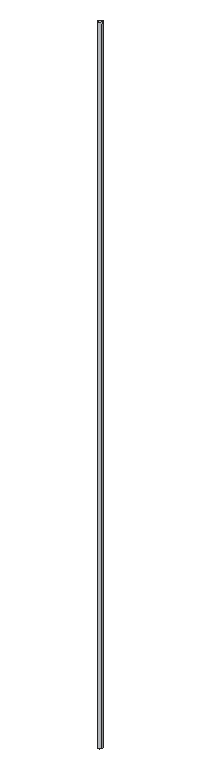
Revit family "Gewindestange_TR_M6_M8_M10_M12_2M_G", category Generic Models, Revit 2017
Family settings
  Can host rebar = No
  Round Connector Dimension = Use Diameter
  Part Type = Normal
  Work Plane-Based = No
  Always vertical = Yes
  Cut with Voids When Loaded = No
  Shared = No
  Room Calculation Point = No
Parameters (values of type "TR M12 2M G")
  URL = "http://www.obo-bettermann.com"
  Material = Elektrogalvanised
  Manufacturer Art.No. = "3141144"
  Manufacturer = "OBO BETTERMANN"
  GTIN = "4012195123644"
  Diameter = 12 mm
  Article Type = "TR M12 2M G"
Types (5, lengths in mm): name | Manufacturer Art.No. | GTIN | Diameter | Article Type
  (no name) | "3141144" | "4012195123644" | 12 | "TR M12 2M G"
  TR M6 2M G | "3141048" | "4012196096640" | 6 | "TR M6 2M G"
  TR M8 2M G | "3141136" | "4012195119982" | 8 | "TR M8 2M G"
  TR M10 2M G | "3141140" | "4012195123583" | 10 | "TR M10 2M G"
  TR M12 2M G | "3141144" | "4012195123644" | 12 | "TR M12 2M G"
Reference planes
  plane 1 "Center (Front/Back)": y = 0
  plane 2: z = 0
  plane 3 "Center (Left/Right)": x = 0
  plane 4: z = 2000
Forms (mm)
  Extrusion 1, solid
    sketch origin (0, 0, 0) x (1, 0, 0) y (0, 1, 0)
      loop
        circle (0, 0) r 6
    from 0 to 2000
Dimensions and locks
  locked: plane 3 "Center (Left/Right)" to Extrusion 1 sketch curve
  plane 4 to level = 2000 mm
  "Diameter": diameter of Extrusion 1 sketch curve
  aligned and locked: level to plane 2
  aligned and locked: plane 4 to Extrusion 1
  aligned and locked: Extrusion 1 to level
Automatic sketch dimensions
  plane 1 "Center (Front/Back)" to Extrusion 1 sketch curve = 0 mm
